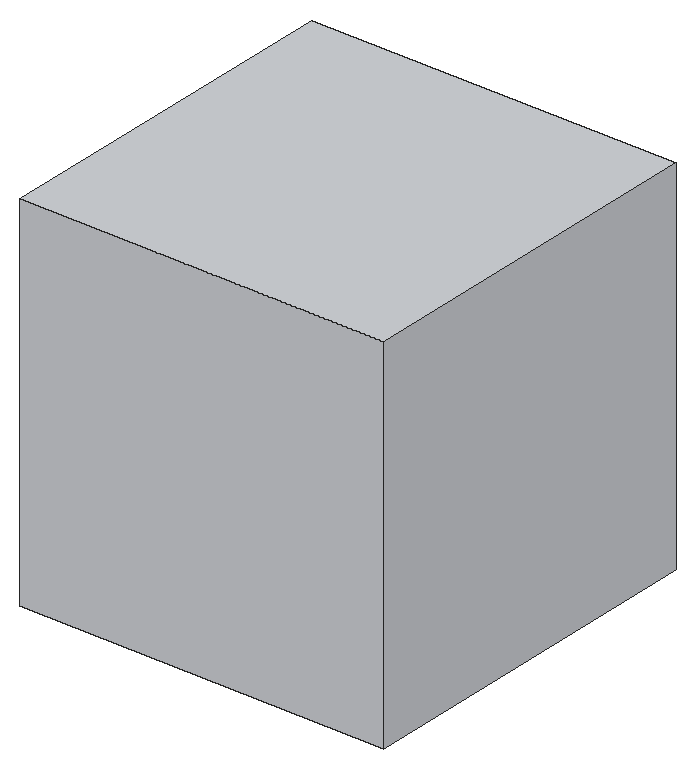
Revit family "AH_CubeGenericObjectData", category Generic Models, Revit 2025
Family settings
  Can host rebar = No
  Round Connector Dimension = Use Diameter
  Part Type = Normal
  Work Plane-Based = No
  Always vertical = Yes
  Cut with Voids When Loaded = No
  Maintain Annotation Orientation = No
  Shared = No
  Room Calculation Point = No
Parameters
  Standalone = ""
  Default Elevation = 0 mm
  Aanwezig in Project = no
Reference planes
  plane 1 "Center (Front/Back)": y = 0
  plane 2: z = 0
  plane 3 "Center (Left/Right)": x = 0
Forms (mm)
  Extrusion 1, solid
    sketch origin (190.139, -250, 0) x (1, 0, 0) y (0, 1, 0)
      loop
        line (-440.139, 0.464) -> (59.861, 0.464) -> (59.861, 500.464) -> (-440.139, 500.464) -> (-440.139, 0.464)
    from 0 to 500
Dimensions and locks
  aligned and locked: level to plane 2
